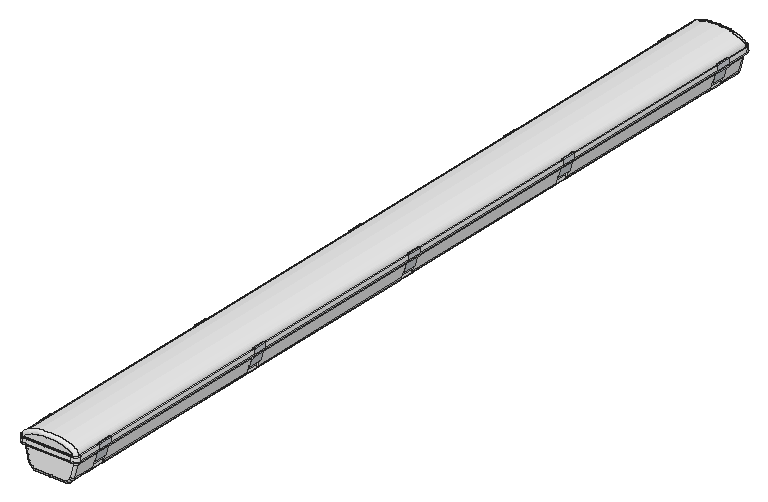
Revit family "0048628", category Lighting Fixtures, host Face, Revit 2017
Family settings
  Host = Face
  Round Connector Dimension = Use Diameter
  Part Type = Normal
  OmniClass Number = 23.80.70.11.14
  OmniClass Title = General Luminaries, Directional
  Cut with Voids When Loaded = No
  Light Source = Yes
  Shared = No
  Room Calculation Point = No
Parameters (values of type "0048628 ST WTRPRF T 1500 VH IP65 DA 10000LM 840")
  Width = 110 mm
  Weight = "2.45 kg"
  Wattage Comments = "n/a"
  Wattage = 74 W
  WarrantyStartDate [instance] = "n/a"
  WarrantyGuarantorParts = "n/a"
  WarrantyDurationUnit = "n/a"
  WarrantyDurationParts = "n/a"
  WarrantyDescription = "n/a"
  built-in parameter 1150110 = 1 (stored number, unit not read)
  Voltage = 230 V
  URL = "http://www.sylvania-lighting.com"
  TypeName = "ST WTRPRF T 1500 VH IP65 DA 10000LM 840"
  Type Image = <None>
  Type Comments = "n/a"
  built-in parameter 1114217 = 1 (stored number, unit not read)
  Tilt Angle = -90.00°
  built-in parameter 1150109 = 1 (stored number, unit not read)
  built-in parameter 1150134 = 12
  built-in parameter 1150113 = 1 (stored number, unit not read)
  SerialNumber [instance] = "n/a"
  ReflectorMaterial = none
  PowerFactor = 0
  PowerConsumption = "74 W"
  Photometric Web File = "0048628.ies"
  NominalWidth = 0 mm
  NominalLength = 1578 mm
  NominalHeight = 78 mm
  Name = "ST WTRPRF T 1500 VH IP65 DA 10000LM 840"
  ModelReference = "ST WTRPRF T 1500 VH IP65 DA 10000LM 840"
  ModelNumber = "0048628"
  Model = "SRT WTRPRF LED G3 1500MM T 4K MW"
  Material = "polycarbonate housing, polycarbonate diffuser"
  ManufacturerName = "Feilo Sylvania"
  Manufacturer = "Feilo Sylvania"
  LuminousEfficacy = "132 lm/W"
  built-in parameter 1150105 = 3156.5 (stored number, unit not read)
  Lumens = 9768 lm
  LuminaireType = ""
  built-in parameter 1150115 = 1 (stored number, unit not read)
  LightOutputRatio = "n/a"
  built-in parameter 1150137 = (empty or 0)
  built-in parameter 1150139 = (empty or 0)
  Length = 1572 mm
  LampsType = Lamp  # "LED"
  LampNominalLuminous = "9800 lm"
  LampMacAdamStep = "3"
  LampColourTemperature = "4000 K"
  LampColourRenderingIndex = "80"
  built-in parameter 1150112 = 1 (stored number, unit not read)
  built-in parameter 1150114 = 1 (stored number, unit not read)
  Lamp = "LED"
  Keynote = "16500"
  InstallationDate [instance] = "n/a"
  InputVoltage = "220-240V~"
  InputNominalFrequency = "50/60 Hz"
  built-in parameter 1150132 = (empty or 0)
  built-in parameter 1150102 = (empty or 0)
  built-in parameter 1150107 = 4000 (stored number, unit not read)
  built-in parameter 1150138 = (empty or 0)
  IngressProtection = "IP65"
  ImpactProtectionIndex = "IK08"
  built-in parameter 1150106 = 31.565 (stored number, unit not read)
  IfcExportType = "IfcLightFixtureType"
  IfcExportAs = "IfcLightFixtureType"
  ExpectedLife = 50000
  Emit from Rectangle Width = Width - 20 mm  # 90 mm
  Emit from Rectangle Length = Length - 20 mm  # 1552 mm
  Emit Shape Visible in Rendering = no
  ElectricShockClassification = "Class I"
  built-in parameter 1150104 = 12.263 (stored number, unit not read)
  DurationUnit = "hours"
  DocumentationLiterature = "http://www.sylvania-lighting.com/product/en-int/products/0048628"
  DimmingControlOptions = "DALI"
  Dimming Lamp Color Temperature Shift = <None>
  DiffuserMaterial = Diffuser-Sylvania-Transparent
  Description = "Start Waterproof, integrated LED weatherporof luminaire, with UV stabilized flat diffuser and linear prisms designed to achieve uniform lit appearance, optimise light output and to reduce glare, stainless steel diffuser clips and fixing brackets for surface mounting. Polycarbonate housing, Polycarbonate diffuser, 7300lm, 61W, 120lm/W, 4000K, drive current 1050mA, MW On/Off,  CRI80, IP65, IK08, Class I,  nominal average life (h):50000, 1578mm x 110mm x 78mm ,energy class: A++ A+ A"
  Default Elevation = 1219.2 mm
  CreatedOn = "3/27/2018"
  CreatedBy = ""
  Cost = 0
  Color Filter = 16777215
  built-in parameter 1114216 [instance] = (empty or 0)
  ClassificationValue = "EF_70_80"
  ClassificationName = "Uniclass2015"
  BodyMaterial = Body-Sylvania-Gray
  BarCode [instance] = "n/a"
  built-in parameter 1114218 = 1 (stored number, unit not read)
  built-in parameter 1150133 = 10 (stored number, unit not read)
  AssetType = "Fixed"
  AssetIdentifier [instance] = "n/a"
  Assembly Code = "D5020200"
  Apparent Load = 74 VA
  AccessoryMaterial = Diffuser-Sylvania-Glow
Reference planes
  plane 1 "Center (Front/Back)": y = 0
  plane 2: z = 0
  plane 3 "Center (Left/Right)": x = 0
  plane 4: z = 54
  plane 5: x = -27.7
  plane 6: x = -34.8
  plane 7: x = -39.6
  plane 8: x = -42.2
  plane 9: z = 3
  plane 10: z = 7.8
  plane 11: z = 12.3
  plane 12: z = 36.6
  plane 13: z = 42.8
  plane 14: x = -51.1
  plane 15: z = 46.2
  plane 16: x = -55
  plane 17: y = 786
  plane 18: y = -786
  plane 19: x = 27.7
  plane 20: x = 34.8
  plane 21: x = 39.6
  plane 22: x = 42.2
  plane 23: x = 51.1
  plane 24: x = 55
  plane 25: y = 778.4
  plane 26: y = -778.4
  plane 27: y = -774.7
  plane 28: y = 774.7
  plane 29: z = 74
  plane 30: x = -51.5
  plane 31: x = 51.5
  plane 32: z = 55.2
  plane 33: y = -782.5
  plane 34: y = 782.5
  plane 35: x = -37.5
  plane 36: x = 37.5
  plane 37: x = -48.7
  plane 38: x = 48.7
  plane 39: x = 18
  plane 40: x = -18
  plane 41: z = 50.2
  plane 42: z = 24.6
  plane 43: y = 720
  plane 44: y = 706
  plane 45: y = 734
  plane 46: y = -720
  plane 47: y = 720
  plane 48: y = 706
  plane 49: y = 734
  plane 50: y = -720
  plane 51: y = -734
  plane 52: y = -706
  plane 53: y = 360
  plane 54: y = 346
  plane 55: y = 374
  plane 56: y = 0
  plane 57: y = -14
  plane 58: y = 14
  plane 59: y = -360
  plane 60: y = -374
  plane 61: y = -346
Forms (mm)
  Sweep 1, solid, material "Body-Sylvania-Gray" <- "BodyMaterial", detail levels medium+fine
    path origin (1223.4, -4572, 54) x (0, -1, 0) y (1, 0, 0)
      loop
        arc (-3796, -1278.4) -> (-3788.929, -1275.471) -> (-3786, -1268.4) r 10
        line (-3786, -1268.4) -> (-3786, -1178.4)
        arc (-3786, -1178.4) -> (-3788.929, -1171.329) -> (-3796, -1168.4) r 10
        line (-3796, -1168.4) -> (-5348, -1168.4)
        arc (-5348, -1168.4) -> (-5355.071, -1171.329) -> (-5358, -1178.4) r 10
        line (-5358, -1178.4) -> (-5358, -1268.4)
        arc (-5358, -1268.4) -> (-5355.071, -1275.471) -> (-5348, -1278.4) r 10
        line (-5348, -1278.4) -> (-3796, -1278.4)
    profile origin (-55, 0, 54) x (-1, 0, 0) y (0, 0, 1)
      loop
        line (0, 0) -> (-1, 0) -> (-1, -7.726)
        arc (-1, -7.726) -> (-1.994, -9.498) -> (-3.9, -10.2) r 2.937
        line (-3.9, -10.2) -> (-8.571, -10.2) -> (-8.571, -11.2) -> (-3.9, -11.2)
        arc (-3.9, -11.2) -> (-1.313, -10.231) -> (0, -7.8) r 3.937
        line (0, -7.8) -> (0, 0)
  Sweep 2, solid, material "Body-Sylvania-Gray" <- "BodyMaterial", detail levels medium+fine
    path origin (0, 0, 0) x (1, 0, 0) y (0, 0, 1)
      loop
        line (48.7, 42.8) -> (48.7, 36.6) -> (42.203, 12.31)
        arc (42.203, 12.31) -> (41.199, 9.884) -> (39.6, 7.8) r 10.052
        line (39.6, 7.8) -> (34.8, 3)
        arc (34.8, 3) -> (31.554, 0.781) -> (27.7, 0) r 9.902
        line (27.7, 0) -> (0, 0) -> (-27.7, 0)
        arc (-27.7, 0) -> (-31.554, 0.781) -> (-34.8, 3) r 9.902
        line (-34.8, 3) -> (-39.6, 7.8)
        arc (-39.6, 7.8) -> (-41.199, 9.884) -> (-42.203, 12.31) r 10.052
        line (-42.203, 12.31) -> (-48.7, 36.6) -> (-48.7, 42.8)
    profile origin (0, 0, 0) x (0, 0, -1) y (0, -1, 0)
      loop
        arc (0, 773.4) -> (-1.464, 776.936) -> (-5, 778.4) r 5
        line (-5, 778.4) -> (-7.8, 778.4) -> (-7.8, -778.4) -> (-5, -778.4)
        arc (-5, -778.4) -> (-1.464, -776.936) -> (0, -773.4) r 5
        line (0, -773.4) -> (0, 773.4)
  Extrusion 3, solid, material "Body-Sylvania-Gray" <- "BodyMaterial", detail levels medium+fine
    sketch origin (1524, 778.4, 1219.2) x (1, 0, 0) y (0, 0, 1)
      loop
        arc (-1558.668, -1204.874) -> (-1558.443, -1205.418) -> (-1558.085, -1205.885) r 2.252
        line (-1558.085, -1205.885) -> (-1553.231, -1210.738)
        arc (-1553.231, -1210.738) -> (-1552.534, -1211.227) -> (-1551.7, -1211.4) r 2.102
        line (-1551.7, -1211.4) -> (-1496.3, -1211.4)
        arc (-1496.3, -1211.4) -> (-1495.466, -1211.227) -> (-1494.769, -1210.738) r 2.102
        line (-1494.769, -1210.738) -> (-1489.915, -1205.885)
        arc (-1489.915, -1205.885) -> (-1489.557, -1205.418) -> (-1489.332, -1204.874) r 2.252
        line (-1489.332, -1204.874) -> (-1483.1, -1181.575) -> (-1483.1, -1176.4) -> (-1564.9, -1176.4) -> (-1564.9, -1181.575) -> (-1558.668, -1204.874)
    from 0 to 1556.8
  Sweep 4, solid, material "Diffuser-Sylvania-Transparent" <- "DiffuserMaterial", detail levels medium+fine
    path origin (0, 0, 0) x (1, 0, 0) y (0, 0, 1)
      loop
        spline (-51.5, 55.2) -> (-49.745, 60.066) -> (-44.6, 64.6) -> (-36.416, 68.494) -> (-25.75, 71.481) -> (-13.329, 73.359) -> (0, 74) -> (13.329, 73.359) -> (25.75, 71.481) -> (36.416, 68.494) -> (44.6, 64.6) -> (49.745, 60.066) -> (51.5, 55.2)
    profile origin (51.5, 0, 55.2) x (0, -1, 0) y (1, 0, 0)
      loop
        arc (782.5, -5.5) -> (780.889, -1.611) -> (777, 0) r 5.5
        line (777, 0) -> (-777, 0)
        arc (-777, 0) -> (-780.889, -1.611) -> (-782.5, -5.5) r 5.5
        line (-782.5, -5.5) -> (-782.5, -6.3) -> (-781.5, -6.3) -> (-781.5, -5.5)
        arc (-781.5, -5.5) -> (-780.182, -2.318) -> (-777, -1) r 4.5
        line (-777, -1) -> (777, -1)
        arc (777, -1) -> (780.182, -2.318) -> (781.5, -5.5) r 4.5
        line (781.5, -5.5) -> (781.5, -6.347) -> (782.5, -6.347) -> (782.5, -5.5)
  Extrusion 5, solid, material "Diffuser-Sylvania-Transparent" <- "DiffuserMaterial", detail levels medium+fine
    sketch origin (1524, -782.5, 1219.2) x (1, 0, 0) y (0, 0, 1)
      loop
        line (-1569.653, -1164) -> (-1478.347, -1164)
        spline (-1478.347, -1164) -> (-1478.969, -1162.594) -> (-1482.527, -1159.545) -> (-1489.588, -1156.201) -> (-1499.458, -1153.445) -> (-1511.242, -1151.663) -> (-1524, -1151.049) -> (-1536.758, -1151.663) -> (-1548.542, -1153.445) -> (-1558.412, -1156.201) -> (-1565.473, -1159.545) -> (-1569.031, -1162.594) -> (-1569.653, -1164)
    from 0 to -1
  Extrusion 6, solid, material "Diffuser-Sylvania-Transparent" <- "DiffuserMaterial", detail levels medium+fine
    sketch origin (1524, 782.5, 1219.2) x (1, 0, 0) y (0, 0, 1)
      loop
        spline (-1478.3, -1164) -> (-1478.931, -1162.565) -> (-1482.502, -1159.505) -> (-1489.572, -1156.155) -> (-1499.446, -1153.394) -> (-1511.236, -1151.614) -> (-1524, -1151.007) -> (-1536.764, -1151.614) -> (-1548.554, -1153.394) -> (-1558.428, -1156.155) -> (-1565.498, -1159.505) -> (-1569.069, -1162.565) -> (-1569.7, -1164)
        line (-1569.7, -1164) -> (-1478.3, -1164)
    from 0 to 1
  Extrusion 7, solid, material "Diffuser-Sylvania-Transparent" <- "DiffuserMaterial", detail levels medium+fine
    sketch origin (1223.4, -4572, 55.2) x (0, -1, 0) y (-1, 0, 0)
      loop
        arc (-5353.5, 1177.4) -> (-5352.182, 1174.218) -> (-5349, 1172.9) r 4.5
        line (-5349, 1172.9) -> (-3795, 1172.9)
        arc (-3795, 1172.9) -> (-3791.818, 1174.218) -> (-3790.5, 1177.4) r 4.5
        line (-3790.5, 1177.4) -> (-3790.5, 1269.4)
        arc (-3790.5, 1269.4) -> (-3791.818, 1272.582) -> (-3795, 1273.9) r 4.5
        line (-3795, 1273.9) -> (-5349, 1273.9)
        arc (-5349, 1273.9) -> (-5352.182, 1272.582) -> (-5353.5, 1269.4) r 4.5
        line (-5353.5, 1269.4) -> (-5353.5, 1177.4)
      loop
        line (-5358, 1268.4) -> (-5358, 1178.4)
        arc (-5358, 1178.4) -> (-5355.071, 1171.329) -> (-5348, 1168.4) r 10
        line (-5348, 1168.4) -> (-3796, 1168.4)
        arc (-3796, 1168.4) -> (-3788.929, 1171.329) -> (-3786, 1178.4) r 10
        line (-3786, 1178.4) -> (-3786, 1268.4)
        arc (-3786, 1268.4) -> (-3788.929, 1275.471) -> (-3796, 1278.4) r 10
        line (-3796, 1278.4) -> (-5348, 1278.4)
        arc (-5348, 1278.4) -> (-5355.071, 1275.471) -> (-5358, 1268.4) r 10
    from 0 to 1.2
  Extrusion 8, solid, material "Diffuser-Sylvania-Glow" <- "AccessoryMaterial", detail levels fine
    sketch origin (0, 0, 0) x (1, 0, 0) y (0, 0, 1)
      loop
        circle (-18, 50.2) r 8
      loop
        circle (18, 50.2) r 8
    from -774.7 to 774.7
  Extrusion 9, void
    sketch origin (0, 720, 2343.807) x (0, 0, -1) y (-1, 0, 0)
      loop
        line (2340.807, -37.5) -> (2331.507, -37.5) -> (2319.207, -42.2) -> (2319.207, -48.7) -> (2340.807, -48.7) -> (2340.807, -37.5)
      loop
        line (2340.807, 37.5) -> (2340.807, 48.7) -> (2319.207, 48.7) -> (2319.207, 42.2) -> (2331.507, 37.5) -> (2340.807, 37.5)
    from -14 to 14
  Extrusion 10, solid, material "Body-Sylvania-Gray" <- "BodyMaterial", detail levels coarse
    sketch origin (0, 0, 0) x (1, 0, 0) y (0, 0, 1)
      loop
        line (55, 42.8) -> (55, 55.2) -> (-55, 55.2) -> (-55, 42.791) -> (-42.2, 0) -> (42.2, 0) -> (55, 42.8)
    from -786 to 786
  Extrusion 11, solid, material "Diffuser-Sylvania-Transparent" <- "DiffuserMaterial", detail levels coarse
    sketch origin (0, 0, 0) x (1, 0, 0) y (0, 0, 1)
      loop
        arc (51.5, 55.2) -> (0, 74) -> (-51.5, 55.2) r 79.939
        line (-51.5, 55.2) -> (51.5, 55.2)
    from 778.4 to -778.4
  Extrusion 12, void, not visible
    sketch origin (0, 720, 2343.807) x (0, 0, -1) y (-1, 0, 0)
      loop
        line (2340.807, -37.5) -> (2331.507, -37.5) -> (2319.207, -42.2) -> (2319.207, -48.7) -> (2340.807, -48.7) -> (2340.807, -37.5)
      loop
        line (2340.807, 37.5) -> (2340.807, 48.7) -> (2319.207, 48.7) -> (2319.207, 42.2) -> (2331.507, 37.5) -> (2340.807, 37.5)
    from -14 to 14
  Extrusion 13, void
    sketch origin (0, -720, 2343.807) x (0, 0, -1) y (-1, 0, 0)
      loop
        line (2340.807, -37.5) -> (2331.507, -37.5) -> (2319.207, -42.2) -> (2319.207, -48.7) -> (2340.807, -48.7) -> (2340.807, -37.5)
      loop
        line (2340.807, 37.5) -> (2340.807, 48.7) -> (2319.207, 48.7) -> (2319.207, 42.2) -> (2331.507, 37.5) -> (2340.807, 37.5)
    from -14 to 14
  Extrusion 14, void
    sketch origin (0, 360, 2343.807) x (0, 0, -1) y (-1, 0, 0)
      loop
        line (2340.807, -37.5) -> (2331.507, -37.5) -> (2319.207, -42.2) -> (2319.207, -48.7) -> (2340.807, -48.7) -> (2340.807, -37.5)
      loop
        line (2340.807, 37.5) -> (2340.807, 48.7) -> (2319.207, 48.7) -> (2319.207, 42.2) -> (2331.507, 37.5) -> (2340.807, 37.5)
    from -14 to 14
  Extrusion 15, void
    sketch origin (0, 0, 2343.807) x (0, 0, -1) y (-1, 0, 0)
      loop
        line (2340.807, -37.5) -> (2331.507, -37.5) -> (2319.207, -42.2) -> (2319.207, -48.7) -> (2340.807, -48.7) -> (2340.807, -37.5)
      loop
        line (2340.807, 37.5) -> (2340.807, 48.7) -> (2319.207, 48.7) -> (2319.207, 42.2) -> (2331.507, 37.5) -> (2340.807, 37.5)
    from -14 to 14
  Extrusion 16, void
    sketch origin (0, -360, 2343.807) x (0, 0, -1) y (-1, 0, 0)
      loop
        line (2340.807, -37.5) -> (2331.507, -37.5) -> (2319.207, -42.2) -> (2319.207, -48.7) -> (2340.807, -48.7) -> (2340.807, -37.5)
      loop
        line (2340.807, 37.5) -> (2340.807, 48.7) -> (2319.207, 48.7) -> (2319.207, 42.2) -> (2331.507, 37.5) -> (2340.807, 37.5)
    from -14 to 14
Cuts and joins
  Extrusion 9, Extrusion 13, Extrusion 14, Extrusion 15, Extrusion 16 cuts Sweep 2
  Extrusion 13, Extrusion 14, Extrusion 15, Extrusion 16 cuts Extrusion 3
  joined: Sweep 2, Extrusion 3
  joined: Sweep 4, Extrusion 5, Extrusion 6
Dimensions and locks
  locked: plane 4 to plane 2 at 54
  plane 5 to plane 6 to plane 7 to plane 8 to plane 14 to plane 16 = 7.1 mm locked, 4.8 mm locked, 2.6 mm locked, 8.9 mm, 3.9 mm
  plane 4 to plane 15 to plane 13 to plane 12 to plane 11 to plane 10 to plane 9 = 7.8 mm locked, 3.4 mm, 6.2 mm locked, 24.3 mm locked, 4.5 mm locked, 4.8 mm locked
  equal spacing: plane 18, plane 1 "Center (Front/Back)", plane 17
  "Length": plane 18 to plane 17
  plane 19 to plane 20 to plane 21 to plane 22 to plane 23 to plane 24 = 7.1 mm locked, 4.8 mm locked, 2.6 mm locked, 8.9 mm, 3.9 mm
  equal spacing: plane 24, plane 3 "Center (Left/Right)", plane 16
  "Width": plane 24 to plane 16
  equal spacing: plane 27, plane 1 "Center (Front/Back)", plane 28
  locked: plane 26 to plane 27 at 3.7
  locked: Sweep 1 sketch curve to profile plane at 1
  locked: Sweep 1 sketch curve to plane 13 at 1
  locked: Sweep 1 sketch curve to plane 13 at 3.937  (x2)
  locked: Sweep 1 sketch curve to profile plane at 3.9  (x2)
  locked: plane 29 to plane 4 at 20
  equal spacing: plane 31, plane 3 "Center (Left/Right)", plane 30
  locked: plane 30 to plane 16 at 3.5
  locked: plane 32 to plane 4 at 1.2
  equal spacing: plane 33, plane 1 "Center (Front/Back)", plane 34
  equal spacing: plane 36, plane 3 "Center (Left/Right)", plane 35
  locked: plane 3 "Center (Left/Right)" to plane 35 at 37.5
  locked: plane 34 to plane 17 at 3.5
  equal spacing: plane 38, plane 3 "Center (Left/Right)", plane 37
  locked: plane 37 to plane 16 at 6.3
  equal spacing: plane 25, plane 1 "Center (Front/Back)", plane 26
  locked: plane 17 to plane 25 at 7.6
  locked: Sweep 2 sketch curve to plane 2 at 5  (x2)
  locked: Sweep 2 sketch curve to plane 26 at 5
  locked: plane 25 to Sweep 2 sketch curve at 5
  locked: Sweep 4 sketch curve to plane 31 at 5.5  (x2)
  locked: Sweep 4 sketch curve to plane 34 at 5.5
  plane 33 to Sweep 4 sketch curve = 5.5 mm
  locked: plane 34 to Sweep 4 sketch curve at 1
  locked: Sweep 4 sketch curve to plane 31 at 1
  locked: Sweep 4 sketch curve to Sweep 4 sketch curve at 1
  locked: Sweep 4 sketch curve to plane 31 at 6.347
  locked: Sweep 4 sketch curve to plane 31 at 6.3
  equal spacing: plane 39, plane 3 "Center (Left/Right)", plane 40
  locked: plane 3 "Center (Left/Right)" to plane 40 at 18
  locked: plane 42 to plane 2 at 24.6
  plane 45 to plane 43 to plane 44 = 14 mm locked, 14 mm locked
  locked: plane 17 to plane 43 at 66
  equal spacing: plane 43, plane 1 "Center (Front/Back)", plane 46
  plane 49 to plane 47 to plane 48 = 14 mm locked, 14 mm locked
  plane 52 to plane 50 to plane 51 = 14 mm locked, 14 mm locked  (x2)
  equal spacing: group 1, group 6, group 7, group 8, group 5  (x2)
  equal spacing: group 5, group 8, group 7, group 6, group 1
  plane 55 to plane 53 to plane 54 = 14 mm locked, 14 mm locked  (x2)
  plane 58 to plane 56 to plane 57 = 14 mm locked, 14 mm locked  (x2)
  plane 61 to plane 59 to plane 60 = 14 mm locked, 14 mm locked  (x2)
  plane 43 to plane 53 to plane 1 "Center (Front/Back)" to plane 59 to plane 50 = 360 mm locked, 360 mm locked, 360 mm locked, 360 mm locked
  aligned and locked: plane 2 to host face
  aligned and locked: level to host face
  aligned and locked: plane 16 to Sweep 1 sketch curve
  aligned and locked: Sweep 1 sketch curve to plane 24
  aligned and locked: plane 18 to Sweep 1 sketch curve
  aligned and locked: Sweep 1 sketch curve to plane 13
  aligned and locked: profile plane to Sweep 1 sketch curve
  aligned and locked: plane 3 "Center (Left/Right)" to Sweep 2 sketch curve
  aligned and locked: plane 9 to Sweep 2 sketch curve
  aligned and locked: plane 10 to Sweep 2 sketch curve
  aligned and locked: plane 37 to Sweep 2 sketch curve
  aligned and locked: plane 12 to Sweep 2 sketch curve
  aligned and locked: Sweep 2 sketch curve to level
  aligned and locked: plane 21 to Sweep 2 sketch curve
  aligned and locked: plane 38 to Sweep 2 sketch curve
  aligned and locked: profile plane to Sweep 2 sketch curve
  aligned and locked: plane 25 to Sweep 2 sketch curve
  aligned and locked: Sweep 2 sketch curve to plane 10
  aligned and locked: Extrusion 3 sketch curve to Sweep 2  (x7)
  aligned and locked: Sweep 2 to Extrusion 3 sketch curve
  aligned and locked: Extrusion 3 to plane 25
  aligned and locked: plane 26 to Extrusion 3
  aligned and locked: plane 32 to Sweep 4 sketch curve
  aligned and locked: plane 33 to Sweep 4 sketch curve
  aligned and locked: Sweep 4 to Extrusion 5
  aligned and locked: plane 33 to Extrusion 5
  aligned and locked: Extrusion 5 sketch curve to Sweep 4
  aligned and locked: cut or joined group of Sweep 4, Extrusion 5, Extrusion 6 to Extrusion 6 sketch curve
  aligned and locked: Extrusion 7 sketch curve to cut or joined group of Sweep 4, Extrusion 5, Extrusion 6  (x2)
  aligned and locked: cut or joined group of Sweep 4, Extrusion 5, Extrusion 6 to Extrusion 7 sketch curve  (x2)
  aligned and locked: plane 41 to Extrusion 8 sketch curve  (x2)
  aligned and locked: plane 39 to Extrusion 8 sketch curve
  aligned and locked: plane 27 to Extrusion 8
  aligned and locked: Extrusion 8 to plane 28
  aligned and locked: Extrusion 9 to plane 42
  aligned and locked: plane 9 to Extrusion 9
  aligned and locked: plane 44 to Extrusion 9
  aligned and locked: Extrusion 9 to plane 45
  aligned and locked: Extrusion 7 sketch curve to Sweep 1  (x4)
  aligned and locked: plane 4 to Extrusion 7
  aligned and locked: Extrusion 7 to plane 32
  aligned and locked: nested 2 to plane 43
  aligned and locked: plane 43 to nested 1
  aligned and locked: Extrusion 10 sketch curve to plane 24
  aligned and locked: Extrusion 10 sketch curve to Extrusion 7
  aligned and locked: plane 8 to Extrusion 10 sketch curve
  aligned and locked: plane 22 to Extrusion 10 sketch curve
  aligned and locked: level to Extrusion 10 sketch curve
  aligned and locked: Extrusion 10 to plane 17
  aligned and locked: plane 18 to Extrusion 10
  aligned and locked: cut or joined group of Sweep 4, Extrusion 5, Extrusion 6 to Extrusion 11 sketch curve
  aligned and locked: Extrusion 11 sketch curve to cut or joined group of Sweep 4, Extrusion 5, Extrusion 6  (x2)
  aligned and locked: plane 31 to Extrusion 11 sketch curve
  aligned and locked: plane 30 to Extrusion 11 sketch curve
  aligned and locked: plane 26 to Extrusion 11
  aligned and locked: Extrusion 11 to plane 25
  aligned and locked: imposter light to plane 29
  aligned and locked: plane 3 "Center (Left/Right)" to imposter light
  aligned and locked: plane 1 "Center (Front/Back)" to imposter light
  aligned and locked: plane 51 to Extrusion 13
  aligned and locked: Extrusion 13 to plane 52
  aligned and locked: plane 54 to Extrusion 14
  aligned and locked: Extrusion 14 to plane 55
  aligned and locked: plane 57 to Extrusion 15
  aligned and locked: Extrusion 15 to plane 58
  aligned and locked: plane 60 to Extrusion 16
  aligned and locked: Extrusion 16 to plane 61
  aligned and locked: nested 3 to plane 53
  aligned and locked: plane 53 to nested 10
  aligned and locked: nested 4 to plane 56
  aligned and locked: plane 56 to nested 9
  aligned and locked: nested 5 to plane 59
  aligned and locked: plane 59 to nested 8
  aligned and locked: nested 6 to plane 50
  aligned and locked: plane 50 to nested 7
Automatic sketch dimensions
  host sketch curve to host sketch curve = 2438.4 mm  (x2)
  plane 17 to Sweep 1 sketch curve = 0 mm
  Sweep 1 sketch curve to plane 28 = 1.3 mm
  Sweep 1 sketch curve to plane 7 = 5.4 mm
  plane 27 to Sweep 1 sketch curve = 1.3 mm  (x2)
  Sweep 1 sketch curve to Sweep 1 sketch curve = 4.671 mm
  Sweep 1 sketch curve to plane 4 = 0 mm
  Sweep 2 sketch curve to plane 7 = 0 mm
  Sweep 2 sketch curve to plane 6 = 0 mm
  Sweep 2 sketch curve to plane 5 = 0 mm
  plane 19 to Sweep 2 sketch curve = 0 mm
  Sweep 2 sketch curve to plane 9 = 0 mm
  plane 20 to Sweep 2 sketch curve = 0 mm
  Sweep 2 sketch curve to plane 12 = 0 mm
  Sweep 2 sketch curve to plane 10 = 0 mm
  Sweep 2 sketch curve to plane 13 = 0 mm  (x2)
  Sweep 2 sketch curve to plane 8 = 0.003 mm
  plane 6 to Sweep 2 sketch curve = 2.308 mm
  plane 20 to Sweep 2 sketch curve = 2.308 mm
  Sweep 2 sketch curve to plane 22 = 0.003 mm
  Sweep 2 sketch curve to plane 11 = 0.01 mm  (x2)
  Extrusion 3 sketch curve to plane 5 = 0 mm
  plane 19 to Extrusion 3 sketch curve = 0 mm
  plane 6 to Extrusion 3 sketch curve = 0.132 mm
  plane 6 to Extrusion 3 sketch curve = 0.715 mm
  Extrusion 3 sketch curve to Extrusion 3 sketch curve = 1.592 mm
  Extrusion 3 sketch curve to plane 10 = 0.662 mm  (x2)
  plane 20 to Extrusion 3 sketch curve = 2.308 mm
  plane 20 to Extrusion 3 sketch curve = 0.715 mm
  plane 20 to Extrusion 3 sketch curve = 0.132 mm
  Sweep 4 sketch curve to plane 30 = 0 mm
  Sweep 4 sketch curve to plane 3 "Center (Left/Right)" = 0 mm
  Sweep 4 sketch curve to Sweep 4 sketch curve = 0 mm  (x2)
  plane 37 to Extrusion 5 sketch curve = 3.047 mm
  Extrusion 5 sketch curve to plane 38 = 3.047 mm
  plane 37 to Extrusion 6 sketch curve = 3 mm
  Extrusion 6 sketch curve to plane 38 = 3 mm
  plane 25 to Extrusion 7 sketch curve = 1.4 mm  (x2)
  Extrusion 7 sketch curve to plane 26 = 1.4 mm  (x2)
  Extrusion 8 sketch curve to plane 40 = 0 mm
  Extrusion 9 sketch curve to Extrusion 9 sketch curve = 0 mm
  Extrusion 9 sketch curve to Extrusion 9 sketch curve = 12.3 mm  (x2)
  Extrusion 9 sketch curve to Extrusion 9 sketch curve = 9.3 mm  (x2)
  Extrusion 9 sketch curve to Extrusion 9 sketch curve = 6.5 mm
  Extrusion 9 sketch curve to Extrusion 9 sketch curve = 4.7 mm  (x2)
  Extrusion 9 sketch curve to Extrusion 9 sketch curve = 75 mm
  Extrusion 9 sketch curve to Extrusion 9 sketch curve = 11.2 mm
  Extrusion 10 sketch curve to plane 13 = 0 mm
  plane 13 to Extrusion 10 sketch curve = 0.009 mm
  Extrusion 11 sketch curve to level = 5.939 mm
  Extrusion 10 sketch curve to plane 16 = 0 mm
  Extrusion 12 sketch curve to Extrusion 12 sketch curve = 0 mm
  Extrusion 12 sketch curve to Extrusion 12 sketch curve = 12.3 mm  (x2)
  Extrusion 12 sketch curve to Extrusion 12 sketch curve = 9.3 mm  (x2)
  Extrusion 12 sketch curve to Extrusion 12 sketch curve = 6.5 mm
  Extrusion 12 sketch curve to Extrusion 12 sketch curve = 4.7 mm  (x2)
  Extrusion 12 sketch curve to Extrusion 12 sketch curve = 75 mm
  Extrusion 12 sketch curve to Extrusion 12 sketch curve = 11.2 mm
  Extrusion 13 sketch curve to Extrusion 13 sketch curve = 0 mm
  Extrusion 13 sketch curve to Extrusion 13 sketch curve = 12.3 mm  (x2)
  Extrusion 13 sketch curve to Extrusion 13 sketch curve = 9.3 mm  (x2)
  Extrusion 13 sketch curve to Extrusion 13 sketch curve = 6.5 mm
  Extrusion 13 sketch curve to Extrusion 13 sketch curve = 4.7 mm  (x2)
  Extrusion 13 sketch curve to Extrusion 13 sketch curve = 75 mm
  Extrusion 13 sketch curve to Extrusion 13 sketch curve = 11.2 mm
  Extrusion 14 sketch curve to Extrusion 14 sketch curve = 0 mm
  Extrusion 14 sketch curve to Extrusion 14 sketch curve = 12.3 mm  (x2)
  Extrusion 14 sketch curve to Extrusion 14 sketch curve = 9.3 mm  (x2)
  Extrusion 14 sketch curve to Extrusion 14 sketch curve = 6.5 mm
  Extrusion 14 sketch curve to Extrusion 14 sketch curve = 4.7 mm  (x2)
  Extrusion 14 sketch curve to Extrusion 14 sketch curve = 75 mm
  Extrusion 14 sketch curve to Extrusion 14 sketch curve = 11.2 mm
  Extrusion 15 sketch curve to Extrusion 15 sketch curve = 0 mm
  Extrusion 15 sketch curve to Extrusion 15 sketch curve = 12.3 mm  (x2)
  Extrusion 15 sketch curve to Extrusion 15 sketch curve = 9.3 mm  (x2)
  Extrusion 15 sketch curve to Extrusion 15 sketch curve = 6.5 mm
  Extrusion 15 sketch curve to Extrusion 15 sketch curve = 4.7 mm  (x2)
  Extrusion 15 sketch curve to Extrusion 15 sketch curve = 75 mm
  Extrusion 15 sketch curve to Extrusion 15 sketch curve = 11.2 mm
  Extrusion 16 sketch curve to Extrusion 16 sketch curve = 0 mm
  Extrusion 16 sketch curve to Extrusion 16 sketch curve = 12.3 mm  (x2)
  Extrusion 16 sketch curve to Extrusion 16 sketch curve = 9.3 mm  (x2)
  Extrusion 16 sketch curve to Extrusion 16 sketch curve = 6.5 mm
  Extrusion 16 sketch curve to Extrusion 16 sketch curve = 4.7 mm  (x2)
  Extrusion 16 sketch curve to Extrusion 16 sketch curve = 75 mm
  Extrusion 16 sketch curve to Extrusion 16 sketch curve = 11.2 mm
  radius of Extrusion 8 sketch curve = 8 mm  (x2)
Nested families
  nested 1: "Clip" at (42.2, 720, 24.6), type "Clip", detail levels fine
  nested 2: "Clip" at (-42.2, 720, 24.6) x (-1, 0, 0) z (0, 0, 1), type "Clip", detail levels fine
  nested 3: "Clip" at (-42.2, 360, 24.6) x (-1, 0, 0) z (0, 0, 1), type "Clip", detail levels fine
  nested 4: "Clip" at (-42.2, 0, 24.6) x (-1, 0, 0) z (0, 0, 1), type "Clip", detail levels fine
  nested 5: "Clip" at (-42.2, -360, 24.6) x (-1, 0, 0) z (0, 0, 1), type "Clip", detail levels fine
  nested 6: "Clip" at (-42.2, -720, 24.6) x (-1, 0, 0) z (0, 0, 1), type "Clip", detail levels fine
  nested 7: "Clip" at (42.2, -720, 24.6), type "Clip", detail levels fine
  nested 8: "Clip" at (42.2, -360, 24.6), type "Clip", detail levels fine
  nested 9: "Clip" at (42.2, 0, 24.6), type "Clip", detail levels fine
  nested 10: "Clip" at (42.2, 360, 24.6), type "Clip", detail levels fine
Connectors
  electrical at (0, 0, 0), driven by "Apparent Load"
    settings: index 1, voltage 230 V, apparent load 74 VA, apparent load phase1 0 VA, apparent load phase2 0 VA, apparent load phase3 0 VA, power factor 0, load classification "Lighting", number of poles 1, system type 30, power factor state 1, is connector primary yes, connector utility no, sub classification motor no, connector description ""
Definition of nested family "Clip"
  Parameters (values of type "Clip")
    URL = "http://www.feilosylvania.com"
    Type Comments = "n/a"
    Model = "n/a"
    Manufacturer = "Feilo Sylvania"
    Keynote = "n/a"
    Description = "n/a"
    Default Elevation = 1219.2 mm
    Cost = 0
    BodyMaterial = none
    Assembly Code = "n/a"
  Reference planes
    plane 1 "Center (Front/Back)": y = 0
    plane 2: z = 0
    plane 3 "Center (Left/Right)": x = 0
    plane 4: x = 3.3
    plane 5: x = 6.5
    plane 6: x = 8.9
    plane 7: x = 12.8
    plane 8: z = 12
    plane 9: z = 18.2
    plane 10: z = 21.6
    plane 11: z = 30.6
    plane 12: x = 9.3
    plane 13: z = 19.2
    plane 14: z = 16.2
    plane 15: x = 10.1
    plane 16: y = 12
    plane 17: y = -12
  Forms (mm)
    Extrusion 1, solid
      sketch origin (-0.8, 0, 0) x (1, 0, 0) y (0, 1, 0)
        loop
          line (-1219.2, 1219.2) -> (-1219.2, -1219.2) -> (1219.2, -1219.2) -> (1219.2, 1219.2) -> (-1219.2, 1219.2)
      from 0 to -304.8
    Extrusion 2, solid
      sketch origin (0, 0, 0) x (1, 0, 0) y (0, 0, 1)
        loop
          line (8.9, 16.2) -> (4.58, 0) -> (0, 0) -> (0, -0.8) -> (5.195, -0.8) -> (9.603, 15.731) -> (13.6, 18.806) -> (13.6, 30.6)
          arc (13.6, 30.6) -> (11.45, 32.75) -> (9.3, 30.6) r 2.15
          line (9.3, 30.6) -> (10.1, 30.6)
          arc (10.1, 30.6) -> (11.45, 31.95) -> (12.8, 30.6) r 1.35
          line (12.8, 30.6) -> (12.8, 19.2) -> (8.9, 16.2)
      from -12 to 12
  Lines and regions (mm)
    reference lines
      curve 1: line (3.3, 0, 0) -> (6.5, 0, 12)
      curve 2: arc (8.9, 0, 18.2) -> (11.488, 0, 19.169) -> (12.8, 0, 21.6) r 3.934
  Dimensions and locks
    plane 7 to plane 6 to plane 5 to plane 4 to plane 3 "Center (Left/Right)" = 3.9 mm locked, 2.4 mm locked, 3.2 mm locked, 3.3 mm locked
    plane 11 to plane 10 to plane 9 to plane 8 to plane 2 = 9 mm locked, 3.4 mm locked, 6.2 mm locked, 12 mm locked
    locked: plane 7 to plane 12 at 3.5
    locked: plane 13 to plane 9 at 1
    locked: plane 9 to plane 14 at 2
    locked: plane 15 to plane 12 at 0.8
    locked: plane 2 to Extrusion 2 sketch curve at 0.8
    locked: Extrusion 2 sketch curve to Extrusion 2 sketch curve at 0.8  (x3)
    locked: plane 7 to Extrusion 2 sketch curve at 1.35
    equal spacing: plane 17, plane 1 "Center (Front/Back)", plane 16
    locked: plane 1 "Center (Front/Back)" to plane 16 at 12
    aligned and locked: plane 2 to Extrusion 1
    aligned and locked: level to Extrusion 1
    aligned and locked: plane 4 to curve 1
    aligned and locked: plane 5 to curve 1
    aligned and locked: plane 6 to curve 2
    aligned and locked: plane 10 to curve 2
    aligned and locked: plane 14 to Extrusion 2 sketch curve
    aligned and locked: plane 13 to Extrusion 2 sketch curve
    aligned and locked: plane 7 to Extrusion 2 sketch curve
    aligned and locked: plane 3 "Center (Left/Right)" to Extrusion 2 sketch curve
    aligned and locked: Extrusion 2 sketch curve to level
    aligned and locked: Extrusion 2 sketch curve to plane 11
    aligned and locked: plane 11 to Extrusion 2 sketch curve
    aligned and locked: Extrusion 2 to plane 16
    aligned and locked: plane 17 to Extrusion 2
  Automatic sketch dimensions
    Extrusion 1 sketch curve to Extrusion 1 sketch curve = 2438.4 mm  (x2)
    curve 2 to plane 7 = 0 mm
    curve 1 to level = 0 mm
    curve 1 to plane 8 = 0 mm
    curve 2 to plane 9 = 0 mm
    plane 6 to curve 2 = 0.002 mm
    Extrusion 2 sketch curve to Extrusion 2 sketch curve = 0 mm
    Extrusion 2 sketch curve to plane 6 = 0 mm
    plane 4 to Extrusion 2 sketch curve = 1.28 mm
